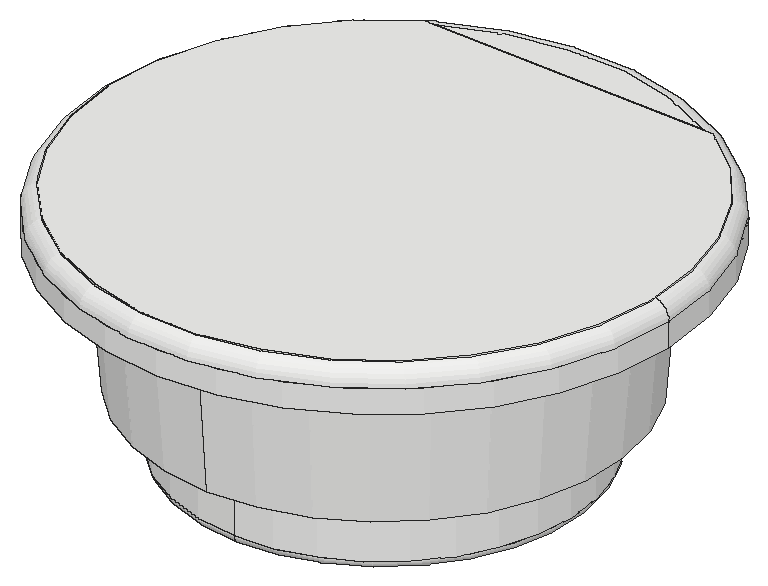
Revit family "Electronics_Commercial-Loudspeakers_Two-Way-Marine-Speaker_CMAR8-W", category Communication Devices, host Face, Revit 2020
Family settings
  Host = Face
  Maintain Annotation Orientation = No
  Round Connector Dimension = Use Diameter
  Part Type = Normal
  OmniClass Number = 23.85.10.11.14.14.14
  OmniClass Title = Loudspeakers
  Cut with Voids When Loaded = No
  Shared = No
  Room Calculation Point = No
Parameters (values of type "CMAR8-W")
  Grill Material = Biamp - Plastic - White(Grid)
  Frequency response in Hz = "55 - 20K"  # constant formula
  Woofer size in inch = "8"  # constant formula
  Vertical dispersion angle 1000 Hz = "180°"  # constant formula
  Tweeter size in inch = "1"  # constant formula
  SPL 1W/1m in dB = "88"  # constant formula
  Max SPL 1m in dB = "107"  # constant formula
  Woofer cone material = "Polypropylene"  # constant formula
  Weight = 3.30693 lbf  # constant formula
  URL = "https://www.biamp.com/"
  Product data url = "https://bimobject.com/biamp/product/cmar8-w_commercial-loudspeakers-ceiling"
  Product Page URL = "https://www.biamp.com/products/product-families/commercial-loudspeakers/ceiling-loudspeakers#cmar8-w"
  Product Documentation Link = "https://downloads.biamp.com/assets/docs/default-source/data-sheets/biamp_data_sheet_cmar8-w_aug20.pdf"
  Mounting system = "4 screws"  # constant formula
  Model = "CMAR8-W"  # constant formula
  Manufacturer = "Biamp"  # constant formula
  Main construction material = "ABS plastic"  # constant formula
  Low impedance dynamic power in watts = "100"  # constant formula
  Low impedance RMS power in watts = "50"  # constant formula
  Loudspeaker system = "2-way"  # constant formula
  Installation grip range in mm = "1 - up"  # constant formula
  Impedance in ohms = "8"  # constant formula
  IP rating = "65"  # constant formula
  Housing Material = Biamp - Plastic - White
  Grille main material = "Stainless steel"  # constant formula
  Diameter = 0' - 8.70079"  # constant formula
  Description = "CMAR8-W 8 Two-Way Built-in Marine Speaker 8 ohms/100W"  # constant formula
  Depth = 0' - 2.99213"  # constant formula
  Default Elevation = 4' - 0"
  Cutout in mm = "151"  # constant formula
  Connector Description = "Terminal strip; Low impedance 8 ohms/100W"  # constant formula
  Colour = "White"  # constant formula
  Closest RAL colour (subject to deviations) = "RAL9003"  # constant formula
  Applicable low impedance = "Yes"  # constant formula
Reference planes (in)
  plane 1 "Center (Front/Back)": y = 0
  plane 2: z = 0
  plane 3 "Center (Left/Right)": x = 0
Forms (in)
  Extrusion 1, solid, material "Biamp - Plastic - White" <- "Housing Material", detail levels coarse
    sketch origin (0, 0, 0) x (1, 0, 0) y (0, 1, 0)
      loop
        circle (0, 0) r 3.54331
    from -2.95276 to 0
  Extrusion 2, void
    sketch origin (0, 0, 0) x (1, 0, 0) y (0, 1, 0)
      loop
        circle (0, 0) r 3.54331
    from -2.95276 to 0
  Revolve 3, solid, material "Biamp - Plastic - White" <- "Housing Material", detail levels coarse
    sketch origin (0, 0, 0) x (1, 0, 0) y (0, 0, 1)
      loop
        line (0, 0) -> (0, 0.62992) -> (-4.05235, 0.62992)
        arc (-4.05235, 0.62992) -> (-4.25146, 0.54745) -> (-4.33393, 0.34834) r 0.28159
        line (-4.33393, 0.34834) -> (-4.33393, 0) -> (0, 0)
      axis (0, 0) -> (0, 0.62992)
    angle from 0 to 360
  Revolve 4, solid, material "Biamp - Plastic - White" <- "Housing Material", detail levels medium+fine
    sketch origin (0, 0, 0) x (1, 0, 0) y (0, 0, 1)
      loop
        line (0, 0) -> (0, 0.62992) -> (-4.04912, 0.62992)
        arc (-4.04912, 0.62992) -> (-4.24823, 0.54745) -> (-4.33071, 0.34834) r 0.28159
        line (-4.33071, 0.34834) -> (-4.33071, 0) -> (0, 0)
      axis (0, 0) -> (0, 0.62992)
    angle from 0 to 360
  Extrusion 5, void
    sketch origin (0, 0, 0) x (1, 0, 0) y (0, 1, 0)
      loop
        arc (-2.19437, 3.50716) -> (0, -4.13708) -> (2.19437, 3.50716) r 4.13708
        line (2.19437, 3.50716) -> (-2.19437, 3.50716)
    from 0.56493 to 0.62992
  Extrusion 6, solid, material "Biamp - Plastic - White(Grid)" <- "Grill Material", detail levels medium+fine
    sketch origin (0, 0, 0) x (1, 0, 0) y (0, 1, 0)
      loop
        line (2.19437, 3.50716) -> (-2.19437, 3.50716)
        arc (-2.19437, 3.50716) -> (0, -4.13708) -> (2.19437, 3.50716) r 4.13708
    from 0.56493 to 0.62992
  Revolve 7, solid, material "Biamp - Plastic - White" <- "Housing Material", detail levels medium+fine
    sketch origin (0, 0, 0) x (0, 1, 0) y (0, 0, 1)
      loop
        line (0, 0) -> (-3.54331, 0) -> (-3.36803, -2.00338) -> (-2.84982, -2.00338) -> (-2.84982, -2.83847)
        arc (-2.84982, -2.83847) -> (-2.81634, -2.91928) -> (-2.73553, -2.95276) r 0.11428
        line (-2.73553, -2.95276) -> (0, -2.95276) -> (0, 0)
      axis (0, 0) -> (0, -2.95276)
    angle from 0 to 360
  Extrusion 8, void
    sketch origin (0, 0.24606, 0) x (1, 0, 0) y (0, 1, 0)
      loop
        circle (0, -0.93002) r 0.59055
    from -2.98124 to -2.93494
Cuts and joins
  Extrusion 5, Extrusion 8 cuts Extrusion 1
  Extrusion 5, Extrusion 8 cuts Revolve 4
  Extrusion 8 cuts Revolve 3
  Extrusion 8 cuts Extrusion 6
  Extrusion 8 cuts Revolve 7
Lines and regions (in)
  Masking region 1
    outline origin (0, 0, 0) x (1, 0, 0) y (0, 0, 1)
      loop
        line (-3.53888, 0) -> (-3.53888, -2.95276) -> (3.54773, -2.95276) -> (3.54773, 0) -> (-3.53888, 0)
  Masking region 2
    outline origin (0, 0, 0) x (1, 0, 0) y (0, 0, 1)
      loop
        line (-4.33393, 0) -> (4.33326, 0) -> (4.33326, 0.35011)
        arc (4.33326, 0.35011) -> (4.2513, 0.54797) -> (4.05344, 0.62992) r 0.27982
        line (4.05344, 0.62992) -> (-4.05412, 0.62992)
        arc (-4.05412, 0.62992) -> (-4.25198, 0.54797) -> (-4.33393, 0.35011) r 0.27982
        line (-4.33393, 0.35011) -> (-4.33393, 0)
  Masking region 3
    outline origin (0, 0, 0) x (1, 0, 0) y (0, 1, 0)
      loop
        circle (0, 0) r 4.33393
  Masking region 4
    outline origin (0, 0, 0) x (1, 0, 0) y (0, 1, 0)
      loop
        arc (-2.18829, 3.50716) -> (0, -4.13386) -> (2.18829, 3.50716) r 4.13386
        line (2.18829, 3.50716) -> (-2.18829, 3.50716)
Dimensions and locks (in)
  aligned and locked: plane 2 to host face
  aligned and locked: level to host face
Connectors (in)
  electrical at (0, -0.68396, -2.93494), driven by "Connector Description"
    settings: on cut or joined group of Extrusion 1, Extrusion 5, Extrusion 8, index 1, voltage 0 V, apparent load 0 VA, apparent load phase1 0 VA, apparent load phase2 0 VA, apparent load phase3 0 VA, power factor 1, load classification "Other", number of poles 1, system type 5, power factor state 1, is connector primary yes, connector utility no, sub classification motor no, connector description "Terminal strip; Low impedance 8 ohms/100W"
